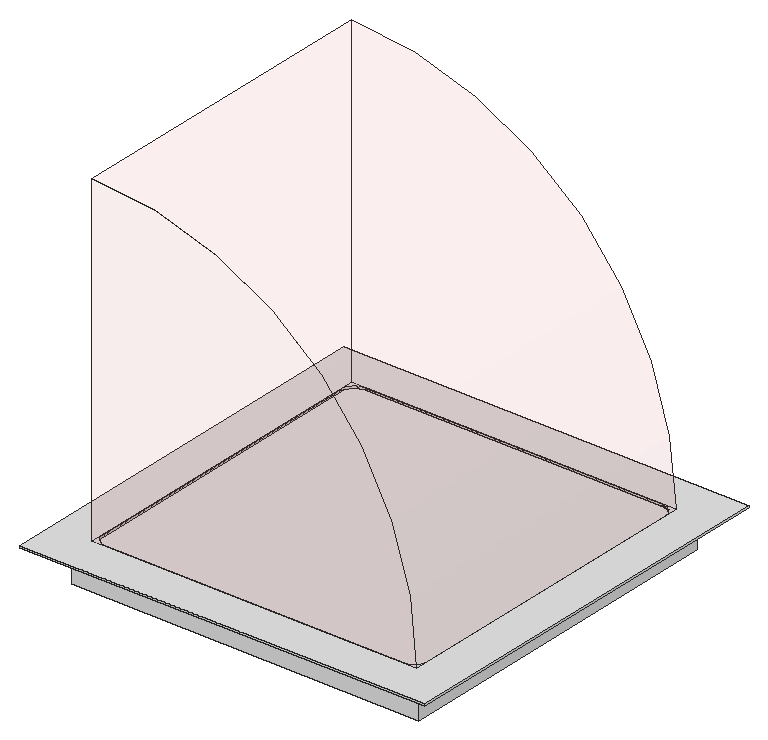
Revit family "Door_Access_Flush_Acudor_UF-5000", category Generic Models, host Face, Revit 2020
Family settings
  Host = Face
  Can host rebar = No
  Round Connector Dimension = Use Diameter
  Part Type = Normal
  Cut with Voids When Loaded = No
  Shared = No
  Room Calculation Point = No
Parameters
  Warranty Duration (Years) = 0
  Unit Width = 1' - 0 1/4"
  Unit Weight = 0
  Unit Height = 1' - 0 1/4"
  Unit Depth = 0' - 1 5/16"
  URL = "http://www.acudor.com/"
  Test Data = ""
  Swing Clearance Visible [instance] = yes
  Standards Conformance = "as Specified"
  Specification = ""
  SpecWizard = ""
  Send Message = ""
  Sales Information = "http://www.acudor.com/contactus"
  Revision = "R1_2017-03"
  Product Properties = ""
  Product Data = "http://www.arcat.com/arcatcos/cos30/arc30126.html"
  Overall Width = 1' - 2 1/4"
  Overall Height = 1' - 2 1/4"
  Opening Width = Unit Width + 0' 0 3/8"  # 1' - 0 5/8"
  Opening Height = Unit Height + 0' 0 3/8"  # 1' - 0 5/8"
  Opening Depth [instance] = 0' - 9.1506"
  Mounting Height [instance] = 2' - 4 1/2"
  Model = "As Specified"
  Manufacturer Website = "http://www.acudor.com/"
  Manufacturer Phone - Toll Free = "800-722-0501"
  Manufacturer Phone = "973-575-5120"
  Manufacturer Fax = "973-575-5160"
  Manufacturer Address = "80 Little Falls Rd.  Fairfield, NJ 07004"
  Manufacturer = "Acudor Products Inc"
  Maintenance Schedule (Months) = 0
  Keynote = ""
  Installation-Fabrication = ""
  Installation Phase = ""
  Green Building-LEED = "http://www.arcat.com/green/clients/leed_data_30126.html"
  Fixture Finish [instance] = Metal - Acudor - White Powdercoat Steel
  Expected Lifespan (Years) = 0
  Drawn By = "Sumex Design, Inc. / Robert S. Weygant, CSI, CDT, SCIP"
  Door Width = Unit Width - 0' 0 13/16"  # 0' - 11 7/16"
  Door Height = Unit Height - 0' 0 13/16"  # 0' - 11 7/16"
  Description = "Acudor Product as Specified"
  Default Elevation = 0' - 0"  # constant formula
  Copyright = "©Arcat Inc."
  Construction Details = ""
  Clearance Material [instance] = ARCAT Clearance
  Clear Opening Width = 1' - 9"
  Clear Opening Height = 1' - 9"
  Available Options [instance] = "Locking or Latching as Specified"
  Assembly Code = ""
Reference planes (in)
  plane 1 "Center (Front/Back)": y = -4.59157
  plane 2: z = 0
  plane 3 "Center (Left/Right)": x = 0
  plane 4: y = 1.53343
  plane 5: y = -10.71657
  plane 6: x = -6.125
  plane 7: x = 6.125
  plane 8: z = 0.0625
  plane 9: y = -39.21657
  plane 10: x = -5.71875
  plane 11: x = 5.71875
  plane 12: y = 1.12718
  plane 13: y = -10.31032
  plane 14: y = 2.53343
  plane 15: y = -11.71657
  plane 16: x = -7.125
  plane 17: x = 7.125
  plane 18: z = -1.25
  plane 19: x = -6.3125
  plane 20: x = 6.3125
  plane 21: y = 1.72093
  plane 22: y = -10.90407
  plane 23: z = -9.1506
Forms (in)
  Extrusion 1, void
    sketch origin (0, 0, 0) x (1, 0, 0) y (0, 1, 0)
      loop
        line (-6.3125, 1.72093) -> (-6.3125, -10.90407) -> (6.3125, -10.90407) -> (6.3125, 1.72093) -> (-6.3125, 1.72093)
    from -9.1506 to 0.0625
  Extrusion 2, solid, material "Metal - Acudor - White Powdercoat Steel" <- "Fixture Finish"
    sketch origin (0, 0, 0) x (1, 0, 0) y (0, 1, 0)
      loop
        line (-7.125, 2.53343) -> (-7.125, -11.71657) -> (7.125, -11.71657) -> (7.125, 2.53343) -> (-7.125, 2.53343)
      loop
        arc (-5.21875, 1.12718) -> (-5.5723, 0.98073) -> (-5.71875, 0.62718) r 0.5
        line (-5.71875, 0.62718) -> (-5.71875, -9.81032)
        arc (-5.71875, -9.81032) -> (-5.5723, -10.16387) -> (-5.21875, -10.31032) r 0.5
        line (-5.21875, -10.31032) -> (5.21875, -10.31032)
        arc (5.21875, -10.31032) -> (5.5723, -10.16387) -> (5.71875, -9.81032) r 0.5
        line (5.71875, -9.81032) -> (5.71875, 0.62718)
        arc (5.71875, 0.62718) -> (5.5723, 0.98073) -> (5.21875, 1.12718) r 0.5
        line (5.21875, 1.12718) -> (-5.21875, 1.12718)
    from 0 to 0.0625
  Extrusion 3, solid, material "Metal - Acudor - White Powdercoat Steel" <- "Fixture Finish"
    sketch origin (-15.17702, -180, 0.0625) x (-1, 0, 0) y (0, -1, 0)
      loop
        arc (-9.95827, -181.12718) -> (-9.60472, -180.98073) -> (-9.45827, -180.62718) r 0.5
        line (-9.45827, -180.62718) -> (-9.45827, -170.18968)
        arc (-9.45827, -170.18968) -> (-9.60472, -169.83613) -> (-9.95827, -169.68968) r 0.5
        line (-9.95827, -169.68968) -> (-20.39577, -169.68968)
        arc (-20.39577, -169.68968) -> (-20.74932, -169.83613) -> (-20.89577, -170.18968) r 0.5
        line (-20.89577, -170.18968) -> (-20.89577, -180.62718)
        arc (-20.89577, -180.62718) -> (-20.74932, -180.98073) -> (-20.39577, -181.12718) r 0.5
        line (-20.39577, -181.12718) -> (-9.95827, -181.12718)
    from -0.0625 to -0.5625
  Extrusion 4, solid, material "ARCAT Clearance" <- "Clearance Material", visible <- "Swing Clearance Visible"
    sketch origin (0, -4.59157, 0) x (1, 0, 0) y (0, 0, 1)
      loop
        line (-5.71875, 0.0625) -> (5.71875, 0.0625)
        arc (5.71875, 0.0625) -> (2.36878, 8.15003) -> (-5.71875, 11.5) r 11.4375
        line (-5.71875, 11.5) -> (-5.71875, 0.0625)
    from -5.71875 to 5.71875
  Extrusion 5, solid, material "Metal - Acudor - White Powdercoat Steel" <- "Fixture Finish"
    sketch origin (0, 0, 0) x (1, 0, 0) y (0, 1, 0)
      loop
        line (-6.125, 1.53343) -> (-6.125, -10.71657) -> (6.125, -10.71657) -> (6.125, 1.53343) -> (-6.125, 1.53343)
      loop
        line (-5.71875, 1.12718) -> (-5.71875, -10.31032) -> (5.71875, -10.31032) -> (5.71875, 1.12718) -> (-5.71875, 1.12718)
    from -1.25 to 0.0625
Cuts and joins
  joined: Extrusion 2, Extrusion 5
Lines and regions (in)
  model lines, style "GenericModelHiddenLines"
    curve 1: line (5.71875, 1.12718, 0.0625) -> (-5.71875, -4.59157, 0.0625)
    curve 2: line (-5.71875, -4.59157, 0.0625) -> (5.71875, -10.31032, 0.0625)
Dimensions and locks (in)
  locked: plane 8 to level at 0.0625
  equal spacing: plane 4, plane 1 "Center (Front/Back)", plane 5
  "Unit Height": plane 4 to plane 5
  equal spacing: plane 6, plane 3 "Center (Left/Right)", plane 7
  "Unit Width": plane 6 to plane 7
  "Mounting Height": plane 5 to plane 9
  equal spacing: plane 10, plane 3 "Center (Left/Right)", plane 11
  "Door Width": plane 10 to plane 11
  equal spacing: plane 12, plane 1 "Center (Front/Back)", plane 13
  "Door Height": plane 12 to plane 13
  equal spacing: plane 16, plane 3 "Center (Left/Right)", plane 17
  equal spacing: plane 14, plane 1 "Center (Front/Back)", plane 15
  "Overall Width": plane 16 to plane 17
  "Overall Height": plane 14 to plane 15
  "Unit Depth": plane 8 to plane 18
  equal spacing: plane 21, plane 1 "Center (Front/Back)", plane 22
  equal spacing: plane 19, plane 3 "Center (Left/Right)", plane 20
  "Opening Width": plane 19 to plane 20
  "Opening Height": plane 21 to plane 22
  "Opening Depth": level to plane 23
  locked: plane 12 to Extrusion 2 sketch curve at 0.5  (x2)
  locked: Extrusion 2 sketch curve to plane 13 at 0.5  (x2)
  locked: Extrusion 3 sketch curve to plane 13 at 0.5  (x2)
  locked: plane 12 to Extrusion 3 sketch curve at 0.5  (x2)
  "Door Width": radius of Extrusion 4 sketch curve
  locked: plane 8 to Extrusion 4 sketch curve (angle 90.00°)
  aligned and locked: host face to plane 2
  aligned and locked: host face to level
  aligned and locked: Extrusion 1 sketch curve to plane 21
  aligned and locked: plane 19 to Extrusion 1 sketch curve
  aligned and locked: plane 22 to Extrusion 1 sketch curve
  aligned and locked: Extrusion 1 sketch curve to plane 20
  aligned and locked: Extrusion 1 to plane 23
  aligned and locked: plane 8 to Extrusion 1
  aligned and locked: plane 8 to Extrusion 2
  aligned and locked: plane 10 to Extrusion 4 sketch curve
  aligned and locked: plane 8 to Extrusion 4 sketch curve
  aligned and locked: Extrusion 4 sketch curve to plane 8
  aligned and locked: plane 12 to Extrusion 4
  aligned and locked: Extrusion 4 to plane 13
  aligned and locked: Extrusion 5 sketch curve to cut or joined group of Extrusion 2, Extrusion 5  (x3)
  aligned and locked: Extrusion 5 sketch curve to Extrusion 4
  aligned and locked: plane 6 to Extrusion 5 sketch curve
  aligned and locked: Extrusion 5 sketch curve to plane 4
  aligned and locked: Extrusion 5 sketch curve to plane 7
  aligned and locked: plane 5 to Extrusion 5 sketch curve
  aligned and locked: Extrusion 2 sketch curve to plane 14
  aligned and locked: plane 15 to Extrusion 2 sketch curve
  aligned and locked: plane 16 to Extrusion 2 sketch curve
  aligned and locked: Extrusion 2 sketch curve to plane 17
Automatic sketch dimensions
  host sketch curve to host sketch curve = 12' - 11.75605"
  host sketch curve to host sketch curve = 12' - 7.74281"
  curve 2 to plane 11 = 0' - 0"
  curve 1 to plane 11 = 0' - 0"
  curve 2 to plane 10 = 0' - 0"
  plane 1 "Center (Front/Back)" to curve 1 = 0' - 0"
  curve 1 to plane 12 = 0' - 0"
  curve 2 to plane 13 = 0' - 0"
  Extrusion 2 sketch curve to plane 10 = 0' - 0"
  Extrusion 2 sketch curve to plane 12 = 0' - 0"
  Extrusion 2 sketch curve to plane 13 = 0' - 0"
  Extrusion 2 sketch curve to plane 11 = 0' - 0"
  Extrusion 3 sketch curve to plane 11 = 0' - 0"
  Extrusion 3 sketch curve to plane 12 = 0' - 0"
  Extrusion 3 sketch curve to plane 13 = 0' - 0"
  Extrusion 3 sketch curve to plane 10 = 0' - 0"
